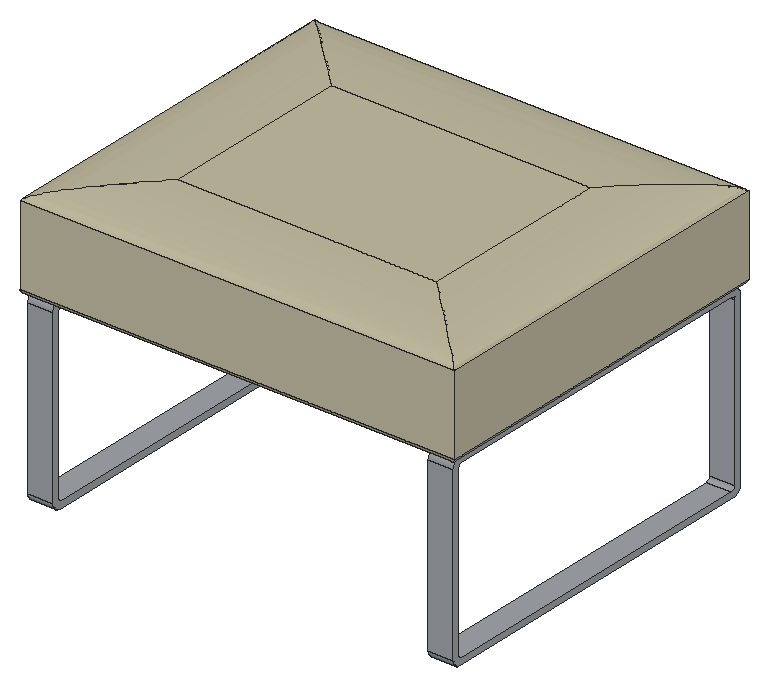
Revit family
Parameters
  URL = "http://www.martinbrattrud.com"
  SCS Certified Product = "Yes"
  Model = "Serif 530-02"
  Manufacturer = "Martin Brattrud, Inc."
  Keynote = "125000"
  Copyright = "© 2013 Martin Brattrud, Inc."
  Chair [instance] = none
  Bench [instance] = none
  Legs [instance] = none
  Authoring Version = "Revit Architecture 2010"
  Assembly Code = "E2020200"
Reference planes (in)
  plane 1 "Center Front/Back": y = 0
  plane 2: z = 0
  plane 3 "Center Left/Right": x = 0
Forms (in)
  Extrusion 1, solid
    sketch origin (-11.25, 60, 48) x (0, 1, 0) y (0, 0, 1)
      loop
        line (-49.80983, -36.75478) -> (-70.26994, -36.75478)
        arc (-70.26994, -36.75478) -> (-70.6235, -36.90123) -> (-70.76994, -37.25478) r 0.5
        line (-70.76994, -37.25478) -> (-70.76994, -47.50159)
        arc (-70.76994, -47.50159) -> (-70.6091, -47.86898) -> (-70.23006, -48) r 0.5
        line (-70.23006, -48) -> (-49.76994, -48)
        arc (-49.76994, -48) -> (-49.41639, -47.85355) -> (-49.26994, -47.5) r 0.5
        line (-49.26994, -47.5) -> (-49.26994, -37.25319)
        arc (-49.26994, -37.25319) -> (-49.43078, -36.8858) -> (-49.80983, -36.75478) r 0.5
      loop
        line (-49.64494, -47.375) -> (-49.64494, -37.37819)
        arc (-49.64494, -37.37819) -> (-49.71817, -37.2014) -> (-49.89496, -37.12819) r 0.25
        line (-49.89496, -37.12819) -> (-70.14496, -37.12978)
        arc (-70.14496, -37.12978) -> (-70.32173, -37.20301) -> (-70.39494, -37.37978) r 0.25
        line (-70.39494, -37.37978) -> (-70.39494, -47.37659)
        arc (-70.39494, -47.37659) -> (-70.31146, -47.56307) -> (-70.11676, -47.625) r 0.25
        line (-70.11676, -47.625) -> (-49.89494, -47.625)
        arc (-49.89494, -47.625) -> (-49.71817, -47.55178) -> (-49.64494, -47.375) r 0.25
    from 0 to -1.5
  Sweep 2, solid, material <- "Bench"
    path origin (13, 0, 0) x (1, 0, 0) y (0, 1, 0)
      loop
        line (0, -11) -> (0, 11) -> (-26, 11) -> (-26, -11) -> (0, -11)
    profile origin (0, -11, 0) x (0, -1, 0) y (0, 0, 1)
      loop
        line (0.01994, 16.24681) -> (-10.48006, 16.24681) -> (-10.48006, 11.24681) -> (-0.23006, 11.24681)
        arc (-0.23006, 11.24681) -> (-0.05328, 11.32004) -> (0.01994, 11.49681) r 0.25
        line (0.01994, 11.49681) -> (0.01994, 16.24681)
  Extrusion 3, solid, material <- "Bench"
    sketch origin (13, 0, 0) x (1, 0, 0) y (0, 1, 0)
      loop
        line (-15.51994, -0.51994) -> (-10.48006, -0.51994) -> (-10.48006, 0.51994) -> (-15.51994, 0.51994) -> (-15.51994, -0.51994)
    from 11.24681 to 16.24681
  Sweep 4, solid, material <- "Bench"
    path origin (13, 0, 0) x (1, 0, 0) y (0, 1, 0)
      loop
        line (0, -11) -> (0, 11) -> (-26, 11) -> (-26, -11) -> (0, -11)
    profile origin (0, -11, 0) x (0, -1, 0) y (0, 0, 1)
      loop
        line (-5.24568, 16.90457) -> (-10.48006, 16.90457) -> (-10.48006, 16.24681) -> (0.00432, 16.24681)
        spline (0.00432, 16.24681) -> (-0.0406, 16.33267) -> (-0.17457, 16.41705) -> (-0.39531, 16.49853) -> (-0.69905, 16.57569) -> (-1.08058, 16.64723) -> (-1.53337, 16.71192) -> (-2.04968, 16.76865) -> (-2.62068, 16.81645) -> (-3.23659, 16.8545) -> (-3.88688, 16.88216) -> (-4.56042, 16.89894) -> (-5.24568, 16.90457)
  Extrusion 5, solid, material <- "Bench"
    sketch origin (13, 0, 0) x (1, 0, 0) y (0, 1, 0)
      loop
        line (-15.51994, 0.51994) -> (-15.51994, -0.51994) -> (-10.48006, -0.51994) -> (-10.48006, 0.51994) -> (-15.51994, 0.51994)
    from 16.24681 to 16.90457
  Extrusion 6, solid
    sketch origin (11.25, 60, 48) x (0, 1, 0) y (0, 0, -1)
      loop
        arc (-49.80983, 36.75478) -> (-49.43078, 36.8858) -> (-49.26994, 37.25319) r 0.5
        line (-49.26994, 37.25319) -> (-49.26994, 47.5)
        arc (-49.26994, 47.5) -> (-49.41639, 47.85355) -> (-49.76994, 48) r 0.5
        line (-49.76994, 48) -> (-70.23006, 48)
        arc (-70.23006, 48) -> (-70.6091, 47.86898) -> (-70.76994, 47.50159) r 0.5
        line (-70.76994, 47.50159) -> (-70.76994, 37.25478)
        arc (-70.76994, 37.25478) -> (-70.6235, 36.90123) -> (-70.26994, 36.75478) r 0.5
        line (-70.26994, 36.75478) -> (-49.80983, 36.75478)
      loop
        arc (-49.64494, 47.375) -> (-49.71817, 47.55178) -> (-49.89494, 47.625) r 0.25
        line (-49.89494, 47.625) -> (-70.11676, 47.625)
        arc (-70.11676, 47.625) -> (-70.31146, 47.56307) -> (-70.39494, 47.37659) r 0.25
        line (-70.39494, 47.37659) -> (-70.39494, 37.37978)
        arc (-70.39494, 37.37978) -> (-70.32173, 37.20301) -> (-70.14496, 37.12978) r 0.25
        line (-70.14496, 37.12978) -> (-49.89496, 37.12819)
        arc (-49.89496, 37.12819) -> (-49.71817, 37.2014) -> (-49.64494, 37.37819) r 0.25
        line (-49.64494, 37.37819) -> (-49.64494, 47.375)
    from 0 to -1.5
Cuts and joins
  joined: Sweep 2, Extrusion 3
  joined: Sweep 4, Extrusion 5
